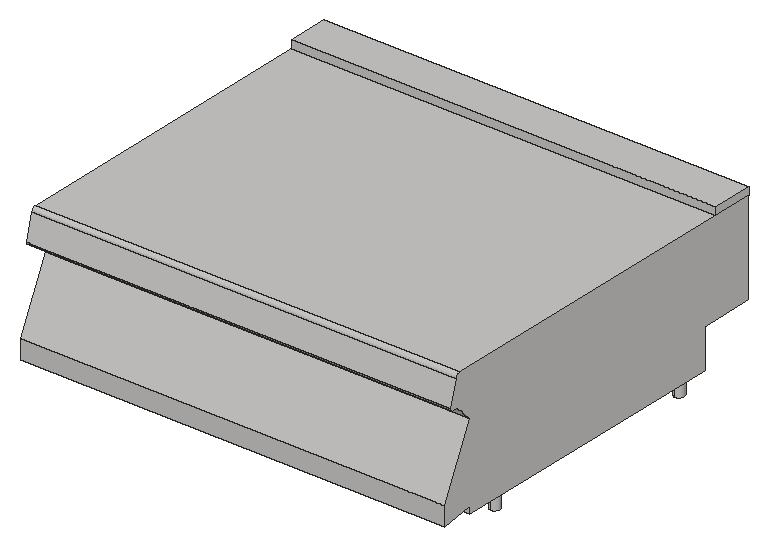
Revit family "QF_ZANUSSI_372118_Z7WTNHN000", category Specialty Equipment, Revit 2018
Family settings
  Round Connector Dimension = Use Diameter
  Part Type = Normal
  Work Plane-Based = No
  Always vertical = Yes
  Cut with Voids When Loaded = No
  Shared = No
  Room Calculation Point = No
Parameters
  Width = 800 mm  # constant formula
  Weight in Pounds = 0
  Weight = 0.00 kg
  Watts = 0 W
  Volts = 0 V
  URL Manufacturer = "http://www.zanussiprofessional.com"
  URL Cutsheet = "www.electrolux.com"
  URL = "http://www.zanussiprofessional.com"
  Type Mark [instance] = ""
  Steam Supply Size = 0"
  Steam Supply Minimum Pressure = 0.00 psi
  Steam Supply Maximum Pressure = 0.00 psi
  Steam Pounds per Hour = 0
  Status [instance] = ""
  Specification by User [instance] = ""
  Specification by Manufacturer = ""
  Show Logo [instance] = yes
  Serial Number = ""
  Seismic Rating = ""
  SMACNA No = ""
  Revision Code [instance] = ""
  Refrigeration Suction Line Size = 0"
  Refrigeration Liquid Line Size = 0"
  Refrigerant Compressor Remote = yes
  Phase = 0
  Omniclass Number and Title = ""
  NAFEM Spec ID Number = ""
  Model = "Z7WTNHN000"
  Masterspec = ""
  Manufacturer = "Zanussi"
  Length Actual = 800 mm  # constant formula
  Item Number [instance] = "372118"
  Installed By [instance] = ""
  Identify Quantity as Lot [instance] = yes
  Hot Water Size = 0"
  Height Actual = 250 mm  # constant formula
  Height = 289 mm  # constant formula
  HP = "0 HP"
  Gas Size = 0"
  Gas KW = 0
  Gas Input Pressure = 0.0 Btu/h
  Furnished By [instance] = ""
  Foodservice Equipment Identifier [instance] = yes
  Direct Waste Size = 0"
  Description = "AMBIENT WORKTOP WITH CLOSED FRONT 800 MM"
  Depth Actual = 700 mm  # constant formula
  Depth = 715 mm  # constant formula
  Cycle = 0 Hz
  Condensate Return Size = 0"
  Compressed Air Volume = 0 GPM
  Compressed Air Size = 0"
  Compressed Air Pressure = 0.00 psi
  Cold Water Size = 0"
  CSI MasterFormat = ""
  CSI Master Format = ""
  Base Height = 24 mm  # constant formula
  Accessory = yes
Reference planes
  plane 1 "BACK": y = 0
  plane 2: z = 0
  plane 3 "LEFT": x = 0
  plane 4 "RIGHT": x = 800
  plane 5 "FRONT": y = -715
  plane 6 "TOP": z = 274
  plane 7 "Center Y": x = 400
  plane 8 "Center X": y = -357.5
  plane 9: z = 24
  plane 10: z = 289
  plane 11: y = -700
Forms (mm)
  Extrusion 1, solid, material "QF_Finishes_Stainless Steel"
    sketch origin (0, 0, 0) x (0, 1, 0) y (0, 0, 1)
      loop
        line (0, 98) -> (0, 274) -> (-679.358, 274)
        arc (-679.358, 274) -> (-684.643, 271.811) -> (-686.833, 266.526) r 7.474
        line (-686.833, 266.526) -> (-699.884, 221.011)
        arc (-699.884, 221.011) -> (-699.396, 218.379) -> (-697, 217.184) r 3
        line (-697, 217.184) -> (-686.802, 217.184) -> (-654.982, 185.364) -> (-715, 64.508) -> (-715, 29.508) -> (-658.645, 37.428)
        arc (-658.645, 37.428) -> (-656.101, 36.674) -> (-655, 34.259) r 3.2
        line (-655, 34.259) -> (-655, 24) -> (-103, 24) -> (-103, 98) -> (0, 98)
    from 0 to 800
  Extrusion 2, solid, material "QF_Finishes_Stainless Steel"
    sketch origin (0, 0, 0) x (1, 0, 0) y (0, 1, 0)
      loop
        circle (11.112, -149.225) r 9.525
      loop
        circle (788.888, -149.225) r 9.525
      loop
        circle (11.112, -583.238) r 9.525
      loop
        circle (788.888, -583.238) r 9.525
    from 0 to 24
  Extrusion 3, solid, material "QF_Finishes_Stainless Steel"
    sketch origin (0, 0, 0) x (0, 1, 0) y (0, 0, 1)
      loop
        line (0, 274) -> (0, 289) -> (-76.2, 289) -> (-76.2, 274) -> (0, 274)
    from 0 to 800
Lines and regions (mm)
  symbolic lines
    curve 1: line (0, -714.879, 0) -> (800, -714.879, 0)
    curve 2: line (0, 0, 0) -> (0, -714.879, 0)
    curve 3: line (800, 0, 0) -> (0, 0, 0)
    curve 4: line (800, -714.879, 0) -> (800, 0, 0)
    curve 5: line (0, -76.2, 0) -> (800, -76.2, 0)
    curve 6: line (0, -708.529, 0) -> (800, -708.529, 0)
Dimensions and locks
  equal spacing: plane 3 "LEFT", plane 7 "Center Y", plane 4 "RIGHT"
  "Width": plane 3 "LEFT" to plane 4 "RIGHT"
  equal spacing: plane 5 "FRONT", plane 8 "Center X", plane 1 "BACK"
  "Depth": plane 5 "FRONT" to plane 1 "BACK"
  "Height": plane 10 to level
  "Base Height": plane 9 to level
  plane 1 "BACK" to plane 11 = 700 mm
  aligned and locked: level to plane 2
  aligned and locked: plane 4 "RIGHT" to Extrusion 1
  aligned and locked: plane 4 "RIGHT" to Extrusion 3
Automatic sketch dimensions
  Extrusion 3 sketch curve to plane 6 "TOP" = 0 mm
  Extrusion 3 sketch curve to plane 1 "BACK" = 0 mm
  Extrusion 3 sketch curve to plane 10 = 0 mm
  curve 1 to plane 3 "LEFT" = 0 mm
  plane 1 "BACK" to curve 4 = 0 mm
  curve 4 to plane 4 "RIGHT" = 0 mm
  curve 6 to plane 5 "FRONT" = 6.471 mm
  curve 2 to plane 5 "FRONT" = 0.121 mm
  plane 3 "LEFT" to Extrusion 2 sketch curve = 11.112 mm  (x2)
  Extrusion 2 sketch curve to plane 4 "RIGHT" = 11.112 mm  (x2)
  Extrusion 2 sketch curve to plane 5 "FRONT" = 122.237 mm  (x2)
  Extrusion 2 sketch curve to Extrusion 2 sketch curve = 9.525 mm  (x4)
  plane 1 "BACK" to curve 5 = 76.2 mm
  Extrusion 2 sketch curve to Extrusion 2 sketch curve = 0 mm  (x2)
  plane 1 "BACK" to Extrusion 2 sketch curve = 158.75 mm  (x2)
  Extrusion 3 sketch curve to Extrusion 3 sketch curve = 76.2 mm
  Extrusion 1 sketch curve to plane 6 "TOP" = 0 mm
  Extrusion 1 sketch curve to plane 9 = 0 mm
  plane 9 to Extrusion 1 sketch curve = 5.508 mm
  plane 5 "FRONT" to Extrusion 1 sketch curve = 0 mm
  Extrusion 1 sketch curve to plane 6 "TOP" = 52.989 mm
  Extrusion 1 sketch curve to Extrusion 1 sketch curve = 15.116 mm
  Extrusion 1 sketch curve to Extrusion 1 sketch curve = 2.884 mm
  Extrusion 1 sketch curve to plane 6 "TOP" = 7.474 mm
  Extrusion 1 sketch curve to Extrusion 1 sketch curve = 13.051 mm
  Extrusion 1 sketch curve to plane 6 "TOP" = 56.816 mm
  Extrusion 1 sketch curve to Extrusion 1 sketch curve = 10.198 mm
  plane 9 to Extrusion 1 sketch curve = 13.428 mm
  Extrusion 1 sketch curve to Extrusion 1 sketch curve = 56.355 mm
  Extrusion 1 sketch curve to Extrusion 1 sketch curve = 0.445 mm
  Extrusion 1 sketch curve to Extrusion 1 sketch curve = 3.2 mm
  Extrusion 1 sketch curve to Extrusion 1 sketch curve = 31.82 mm  (x2)
  plane 8 "Center X" to Extrusion 1 sketch curve = 254.5 mm
  plane 8 "Center X" to Extrusion 1 sketch curve = 357.5 mm
  Extrusion 1 sketch curve to Extrusion 1 sketch curve = 35 mm
  Extrusion 1 sketch curve to Extrusion 1 sketch curve = 74 mm
